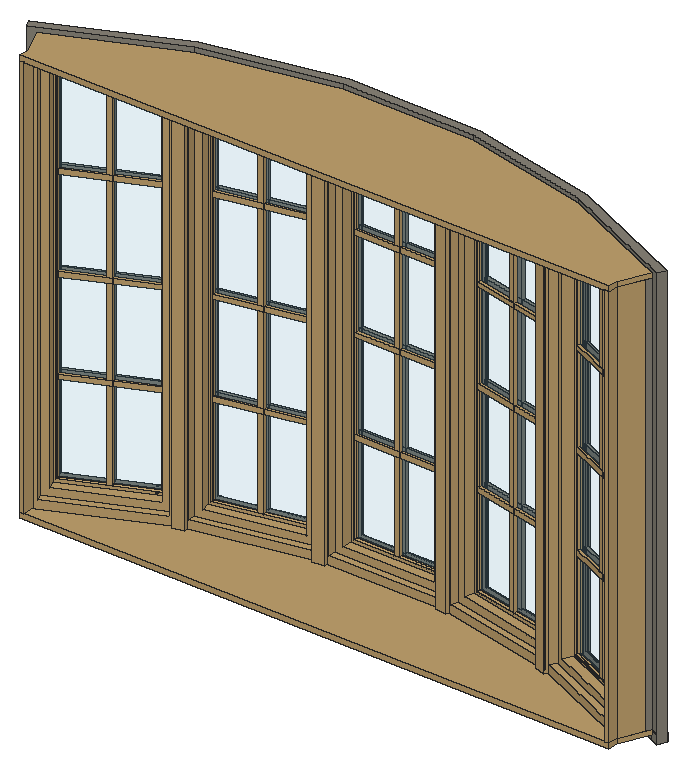
Revit family (continued)
Definition of nested family "Mull_Bow"
  Dimensions and locks
    "Height": plane 4 to plane 5
    aligned and locked: plane 4 to Extrusion 1
    aligned and locked: Extrusion 1 to plane 5
  Automatic sketch dimensions
    Extrusion 1 sketch curve to plane 3 "Center (Left/Right)" = 0' - 0"
    Extrusion 1 sketch curve to plane 3 "Center (Left/Right)" = 0' - 0 1/8"
    Extrusion 1 sketch curve to plane 3 "Center (Left/Right)" = 0' - 0 7/8"
    plane 3 "Center (Left/Right)" to Extrusion 1 sketch curve = 0' - 0.02497"
    plane 3 "Center (Left/Right)" to Extrusion 1 sketch curve = 0' - 0.12217"
    Extrusion 1 sketch curve to Extrusion 1 sketch curve = 0' - 0.02599"
    Extrusion 1 sketch curve to Extrusion 1 sketch curve = 0' - 0.59447"
    plane 3 "Center (Left/Right)" to Extrusion 1 sketch curve = 0' - 0.75806"
    Extrusion 1 sketch curve to Extrusion 1 sketch curve = 0' - 0.09782"
    Extrusion 1 sketch curve to Extrusion 1 sketch curve = 0' - 0.58148"
    plane 1 "Center (Front/Back)" to Extrusion 1 sketch curve = 0' - 5.20457"
    Extrusion 1 sketch curve to Extrusion 1 sketch curve = 0' - 0.17166"
    Extrusion 1 sketch curve to Extrusion 1 sketch curve = 0' - 0.46015"
    Extrusion 1 sketch curve to Extrusion 1 sketch curve = 0' - 0.15595"
    Extrusion 1 sketch curve to Extrusion 1 sketch curve = 0' - 0.02597"
    Extrusion 1 sketch curve to Extrusion 1 sketch curve = 0' - 0.12227"
    Extrusion 1 sketch curve to plane 1 "Center (Front/Back)" = 0' - 0.9699"
Definition of nested family "Label Annotation 1-16 w4"
  Parameters
    Nominal Width = 6' - 10.31403"
    Nominal Height = 5' - 0 1/2"
    Label = ""
    Egress Info = "EGRESS WDW"
    Description = "CSMT BAY"
  Reference planes
    plane 1: y = 0
    plane 2: x = 0
  Text (mm)
    label "Nominal Width X  Nominal Height\n\nDescription\n\nEgress Info" at (0.095, -0.088, 0), shows "Nominal Width", "Nominal Height", "Description", "Egress Info"
Definition of nested family "Bow_Section_Detail"
  Parameters (values of type "Casement_Section_Detail")
    Height = 4' - 11 1/8"
    Assembly Code = ""
  Reference planes
    plane 1 "Center (Front/Back)": y = 0
    plane 2: z = 0
    plane 3 "Center (Left/Right)": x = 0
    plane 4: y = 1501.775
  Lines and regions (mm)
    detail lines, style "Cut Lines", in view "Ref. Level"
      curve 1: line (19.018, 59.766, 0) -> (19.018, 1442.009, 0)
      curve 2: line (22.015, 59.766, 0) -> (22.015, 1442.009, 0)
      curve 3: line (35.071, 59.766, 0) -> (35.071, 1442.009, 0)
      curve 4: line (38.068, 59.766, 0) -> (38.068, 1442.009, 0)
  Dimensions and locks
    "Height": plane 4 to plane 1 "Center (Front/Back)"
    aligned and locked: plane 1 "Center (Front/Back)" to nested 1
    aligned and locked: plane 3 "Center (Left/Right)" to nested 1
    aligned and locked: nested 2 to plane 4
    aligned and locked: plane 3 "Center (Left/Right)" to nested 2
    aligned and locked: curve 1 to nested 1  (x2)
    aligned and locked: nested 1 to curve 2
    aligned and locked: curve 2 to nested 1
    aligned and locked: curve 3 to nested 1  (x2)
    aligned and locked: nested 1 to curve 4
    aligned and locked: curve 4 to nested 1
  Automatic sketch dimensions
    curve 3 to plane 4 = 0' - 2.353"
    curve 2 to curve 3 = 0' - 0"
    curve 4 to curve 3 = 0' - 0"
    curve 1 to curve 2 = 0' - 0"
  Nested families
    nested 1: "Sill_Detail" at (0, 0, 0), type "Sill_Detail", in view "Ref. Level"
      with Screen no
    nested 2: "Head_Detail" at (0, 1501.775, 0), type "Head_Detail", in view "Ref. Level"
      with Screen no
  Definition of nested family "Sill_Detail"
    Parameters (values of type "Jamb_Detail")
      Screen [instance] = yes
      Assembly Code = ""
    Reference planes
      plane 1 "Center (Front/Back)": y = 0
      plane 2: z = 0
      plane 3 "Center (Left/Right)": x = 0
    Lines and regions (mm)
      detail lines, style "Cut Lines", in view "Ref. Level"
        curve 1: line (115.875, 0, 0) -> (115.875, 30.175, 0)
        curve 2: line (-27.788, 0, 0) -> (115.875, 0, 0)
        curve 3: line (115.875, 30.175, 0) -> (19.354, 30.175, 0)
        curve 4: line (-27.788, 13.235, 0) -> (-27.788, 0, 0)
        curve 5: line (14.328, 16.18, 0) -> (-27.788, 13.235, 0)
        curve 6: line (14.328, 16.18, 0) -> (50.47, 16.18, 0)
        curve 7: line (87.971, 30.175, 0) -> (87.971, 53.721, 0)
        curve 8: line (87.971, 53.721, 0) -> (72.79, 53.721, 0)
        curve 9: line (72.79, 58.467, 0) -> (59.537, 58.467, 0)
        curve 10: line (59.537, 63.221, 0) -> (50.47, 63.221, 0)
        curve 11: line (72.79, 53.721, 0) -> (72.79, 58.467, 0)
        curve 12: line (19.354, 20.447, 0) -> (19.354, 30.175, 0)
        curve 13: line (9.296, 20.447, 0) -> (19.354, 20.447, 0)
        curve 14: line (9.296, 68.478, 0) -> (9.296, 20.447, 0)
        curve 15: line (12.309, 68.478, 0) -> (9.296, 68.478, 0)
        curve 16: line (17.389, 73.558, 0) -> (12.309, 68.478, 0)
        curve 17: line (18.135, 56.083, 0) -> (18.135, 73.558, 0)
        curve 18: line (38.176, 56.083, 0) -> (18.135, 56.083, 0)
        curve 19: line (38.176, 73.558, 0) -> (38.176, 56.083, 0)
        curve 20: line (42.519, 73.558, 0) -> (38.176, 73.558, 0)
        curve 21: line (50.47, 67.996, 0) -> (48.082, 67.996, 0)
        curve 22: line (50.47, 16.18, 0) -> (50.47, 67.996, 0)
        curve 23: line (18.135, 73.558, 0) -> (17.389, 73.558, 0)
        curve 24: line (48.082, 67.996, 0) -> (42.519, 73.558, 0)
        curve 34: line (35.071, 59.766, 0) -> (38.068, 59.766, 0)
        curve 35: line (22.015, 62.941, 0) -> (35.071, 62.941, 0)
        curve 36: line (22.193, 69.291, 0) -> (34.893, 69.291, 0)
        curve 37: line (19.018, 59.766, 0) -> (22.015, 59.766, 0)
        curve 38: line (59.537, 58.467, 0) -> (59.537, 63.221, 0)
      detail lines, style "Cut Lines", in view "Ref. Level", visible <- "Screen"
        curve 25: line (69.062, 58.467, 0) -> (69.062, 75.823, 0)
        curve 26: line (59.537, 73.181, 0) -> (59.537, 58.467, 0)
        curve 27: line (65.297, 73.181, 0) -> (59.537, 73.181, 0)
        curve 28: line (65.297, 76.28, 0) -> (65.297, 73.181, 0)
        curve 29: line (66.522, 78.109, 0) -> (60.147, 78.109, 0)
        curve 30: line (60.147, 76.28, 0) -> (65.297, 76.28, 0)
        curve 31: line (60.147, 76.28, 0) -> (60.147, 78.109, 0)
        curve 32: line (69.062, 75.823, 0) -> (66.522, 75.823, 0)
        curve 33: line (66.522, 75.823, 0) -> (66.522, 78.109, 0)
  Definition of nested family "Head_Detail"
    Parameters (values of type "Jamb_Detail")
      Screen [instance] = yes
      Assembly Code = ""
    Reference planes
      plane 1 "Center (Front/Back)": y = 0
      plane 2: z = 0
      plane 3 "Center (Left/Right)": x = 0
    Lines and regions (mm)
      detail lines, style "Cut Lines", in view "Ref. Level"
        curve 1: line (115.875, 0, 0) -> (115.875, -30.175, 0)
        curve 2: line (-27.788, 0, 0) -> (115.875, 0, 0)
        curve 3: line (115.875, -30.175, 0) -> (19.354, -30.175, 0)
        curve 4: line (-27.788, -13.235, 0) -> (-27.788, 0, 0)
        curve 5: line (14.328, -16.18, 0) -> (-27.788, -13.235, 0)
        curve 6: line (14.328, -16.18, 0) -> (50.47, -16.18, 0)
        curve 7: line (87.971, -30.175, 0) -> (87.971, -53.721, 0)
        curve 8: line (87.971, -53.721, 0) -> (72.79, -53.721, 0)
        curve 9: line (72.79, -58.467, 0) -> (59.537, -58.467, 0)
        curve 10: line (59.537, -63.221, 0) -> (50.47, -63.221, 0)
        curve 11: line (72.79, -53.721, 0) -> (72.79, -58.467, 0)
        curve 12: line (19.354, -20.447, 0) -> (19.354, -30.175, 0)
        curve 13: line (9.296, -20.447, 0) -> (19.354, -20.447, 0)
        curve 14: line (9.296, -68.478, 0) -> (9.296, -20.447, 0)
        curve 15: line (12.309, -68.478, 0) -> (9.296, -68.478, 0)
        curve 16: line (17.389, -73.558, 0) -> (12.309, -68.478, 0)
        curve 17: line (18.135, -56.083, 0) -> (18.135, -73.558, 0)
        curve 18: line (38.176, -56.083, 0) -> (18.135, -56.083, 0)
        curve 19: line (38.176, -73.558, 0) -> (38.176, -56.083, 0)
        curve 20: line (42.519, -73.558, 0) -> (38.176, -73.558, 0)
        curve 21: line (50.47, -67.996, 0) -> (48.082, -67.996, 0)
        curve 22: line (50.47, -16.18, 0) -> (50.47, -67.996, 0)
        curve 23: line (18.135, -73.558, 0) -> (17.389, -73.558, 0)
        curve 24: line (48.082, -67.996, 0) -> (42.519, -73.558, 0)
        curve 34: line (35.071, -59.766, 0) -> (38.068, -59.766, 0)
        curve 35: line (22.015, -62.941, 0) -> (35.071, -62.941, 0)
        curve 36: line (22.193, -69.291, 0) -> (34.893, -69.291, 0)
        curve 37: line (19.018, -59.766, 0) -> (22.015, -59.766, 0)
        curve 38: line (59.537, -58.467, 0) -> (59.537, -63.221, 0)
      detail lines, style "Cut Lines", in view "Ref. Level", visible <- "Screen"
        curve 25: line (69.062, -58.467, 0) -> (69.062, -75.823, 0)
        curve 26: line (59.537, -73.181, 0) -> (59.537, -58.467, 0)
        curve 27: line (65.297, -73.181, 0) -> (59.537, -73.181, 0)
        curve 28: line (65.297, -76.28, 0) -> (65.297, -73.181, 0)
        curve 29: line (66.522, -78.109, 0) -> (60.147, -78.109, 0)
        curve 30: line (60.147, -76.28, 0) -> (65.297, -76.28, 0)
        curve 31: line (60.147, -76.28, 0) -> (60.147, -78.109, 0)
        curve 32: line (69.062, -75.823, 0) -> (66.522, -75.823, 0)
        curve 33: line (66.522, -75.823, 0) -> (66.522, -78.109, 0)
Definition of nested family "Bow_Plan_Detail"
  Parameters (values of type "Casement_Plan_Detail")
    Unit Width = 1' - 6"
    Flat Casing Visibility = no
    Casing Visibility = yes
    BMC Visibility = yes
    Assembly Code = ""
  Reference planes
    plane 1 "Center (Front/Back)": y = 0
    plane 2: z = 0
    plane 3 "Center (Left/Right)": x = 0
  Lines and regions (mm)
    Masking region 1, in view "Ref. Level", detail levels fine
      outline origin (0, 0, 0) x (1, 0, 0) y (0, 1, 0)
        loop
          line (705.678, 326.481) -> (675.815, 185.986) -> (734.236, 317.202) -> (720.445, 323.342) -> (705.678, 326.481)
        loop
          line (228.6, 424.68) -> (228.6, 281.017) -> (258.47, 421.54) -> (243.7, 424.68) -> (228.6, 424.68)
        loop
          line (-228.6, 424.68) -> (-243.7, 424.68) -> (-258.469, 421.54) -> (-228.6, 281.017) -> (-228.6, 424.68)
        loop
          line (-734.242, 317.202) -> (-675.809, 185.96) -> (-705.678, 326.483) -> (-720.448, 323.344) -> (-734.242, 317.202)
    reference lines, in view "Ref. Level"
      curve 1: line (-1093.482, 0, 0) -> (-675.809, 185.96, 0)
      curve 2: line (1093.476, 0, 0) -> (675.803, 185.96, 0)
      curve 3: line (-675.809, 185.96, 0) -> (-228.6, 281.017, 0)
      curve 4: line (-228.6, 281.017, 0) -> (228.6, 281.017, 0)
      curve 5: line (228.6, 281.017, 0) -> (675.809, 185.958, 0)
      curve 6: line (-1093.482, 0, 0) -> (1093.476, 0, 0)
    detail lines, style "Cut Lines", in view "Ref. Level", detail levels fine
      curve 7: line (-1078.278, 112.792, 0) -> (-769.803, 250.134, 0)
      curve 8: line (-1077.059, 110.054, 0) -> (-768.584, 247.396, 0)
      curve 9: line (-1071.749, 98.127, 0) -> (-763.274, 235.469, 0)
      curve 10: line (-1070.53, 95.389, 0) -> (-762.055, 232.731, 0)
      curve 11: line (-637.486, 293.126, 0) -> (-307.198, 363.331, 0)
      curve 12: line (-636.863, 290.194, 0) -> (-306.575, 360.399, 0)
      curve 13: line (-634.149, 277.424, 0) -> (-303.86, 347.629, 0)
      curve 14: line (-633.526, 274.492, 0) -> (-303.237, 344.697, 0)
      curve 15: line (-168.834, 377.874, 0) -> (168.834, 377.874, 0)
      curve 16: line (-168.834, 374.876, 0) -> (168.834, 374.876, 0)
      curve 17: line (-168.834, 361.821, 0) -> (168.834, 361.821, 0)
      curve 18: line (-168.834, 358.824, 0) -> (168.834, 358.824, 0)
      curve 19: line (637.487, 293.124, 0) -> (307.198, 363.331, 0)
      curve 20: line (636.863, 290.193, 0) -> (306.575, 360.399, 0)
      curve 21: line (634.149, 277.422, 0) -> (303.86, 347.629, 0)
      curve 22: line (633.526, 274.491, 0) -> (303.237, 344.697, 0)
      curve 23: line (1078.272, 112.792, 0) -> (769.797, 250.134, 0)
      curve 24: line (1077.053, 110.054, 0) -> (768.578, 247.396, 0)
      curve 25: line (1071.743, 98.127, 0) -> (763.268, 235.469, 0)
      curve 26: line (1070.524, 95.389, 0) -> (762.049, 232.731, 0)
    detail lines, style "DetailComponentsHiddenLines", in view "Ref. Level", detail levels fine
      curve 27: line (-1044.792, 82.679, 0) -> (-769.832, 205.1, 0)
      curve 28: line (1044.786, 82.679, 0) -> (769.826, 205.1, 0)
    detail lines, style "Panel Cut", in view "Ref. Level", detail levels coarse+medium
      curve 29: line (-1151.915, 131.242, 0) -> (-1093.482, 0, 0)
      curve 30: line (-1093.482, 0, 0) -> (-1065.916, 12.273, 0)
      curve 31: line (-1065.916, 12.273, 0) -> (-1124.348, 143.515, 0)
      curve 32: line (-1124.348, 143.515, 0) -> (-1151.915, 131.242, 0)
      curve 33: line (-1069.632, 127.283, 0) -> (-1109.265, 109.638, 0)
      curve 34: line (-1092.518, 72.024, 0) -> (-1052.886, 89.669, 0)
      curve 35: line (-1052.886, 89.669, 0) -> (-1069.632, 127.283, 0)
      curve 36: line (-786.357, 253.405, 0) -> (-746.725, 271.051, 0)
      curve 37: line (-729.978, 233.437, 0) -> (-769.611, 215.792, 0)
      curve 38: line (-769.611, 215.792, 0) -> (-786.357, 253.405, 0)
      curve 39: line (-703.375, 173.687, 0) -> (-761.808, 304.929, 0)
      curve 40: line (-675.809, 185.96, 0) -> (-703.375, 173.687, 0)
      curve 41: line (-734.242, 317.202, 0) -> (-675.809, 185.96, 0)
      curve 42: line (-761.808, 304.929, 0) -> (-720.448, 323.344, 0)
      curve 43: line (-705.678, 326.483, 0) -> (-675.809, 185.96, 0)
      curve 44: line (-676.162, 332.757, 0) -> (-720.448, 323.344, 0)
      curve 45: line (-646.293, 192.234, 0) -> (-676.162, 332.757, 0)
      curve 46: line (-675.809, 185.96, 0) -> (-646.293, 192.234, 0)
      curve 47: line (-659.892, 256.21, 0) -> (-617.457, 265.229, 0)
      curve 48: line (-626.017, 305.503, 0) -> (-668.452, 296.483, 0)
      curve 49: line (-617.457, 265.229, 0) -> (-626.017, 305.503, 0)
      curve 50: line (-314.149, 329.699, 0) -> (-322.71, 369.973, 0)
      curve 51: line (-322.71, 369.973, 0) -> (-280.275, 378.993, 0)
      curve 52: line (-271.714, 338.719, 0) -> (-314.149, 329.699, 0)
      curve 53: line (-258.116, 274.743, 0) -> (-287.985, 415.266, 0)
      curve 54: line (-228.6, 281.017, 0) -> (-258.116, 274.743, 0)
      curve 55: line (-258.469, 421.54, 0) -> (-228.6, 281.017, 0)
      curve 56: line (-287.985, 415.266, 0) -> (-243.7, 424.68, 0)
      curve 57: line (-228.6, 424.68, 0) -> (-228.6, 281.017, 0)
      curve 58: line (-198.425, 424.68, 0) -> (-243.7, 424.68, 0)
      curve 59: line (-198.425, 281.017, 0) -> (-198.425, 424.68, 0)
      curve 60: line (-228.6, 281.017, 0) -> (-198.425, 281.017, 0)
      curve 61: line (-198.425, 346.422, 0) -> (-155.042, 346.422, 0)
      curve 62: line (-155.042, 387.596, 0) -> (-198.425, 387.596, 0)
      curve 63: line (-155.042, 346.422, 0) -> (-155.042, 387.596, 0)
      curve 64: line (155.042, 346.422, 0) -> (155.042, 387.596, 0)
      curve 65: line (198.425, 346.422, 0) -> (155.042, 346.422, 0)
      curve 66: line (155.042, 387.596, 0) -> (198.425, 387.596, 0)
      curve 67: line (198.425, 281.017, 0) -> (198.425, 424.68, 0)
      curve 68: line (228.6, 281.017, 0) -> (198.425, 281.017, 0)
      curve 69: line (228.6, 424.68, 0) -> (228.6, 281.017, 0)
      curve 70: line (198.425, 424.68, 0) -> (243.7, 424.68, 0)
      curve 71: line (258.47, 421.54, 0) -> (228.6, 281.017, 0)
      curve 72: line (287.985, 415.266, 0) -> (243.7, 424.68, 0)
      curve 73: line (228.6, 281.017, 0) -> (258.116, 274.743, 0)
      curve 74: line (258.116, 274.743, 0) -> (287.985, 415.266, 0)
      curve 75: line (271.715, 338.719, 0) -> (314.15, 329.699, 0)
      curve 76: line (322.71, 369.973, 0) -> (280.275, 378.993, 0)
      curve 77: line (314.15, 329.699, 0) -> (322.71, 369.973, 0)
      curve 78: line (617.457, 265.228, 0) -> (626.017, 305.501, 0)
      curve 79: line (626.017, 305.501, 0) -> (668.452, 296.481, 0)
      curve 80: line (659.892, 256.208, 0) -> (617.457, 265.228, 0)
      curve 81: line (734.236, 317.202, 0) -> (675.803, 185.96, 0)
      curve 82: line (761.802, 304.929, 0) -> (720.445, 323.342, 0)
      curve 83: line (675.803, 185.96, 0) -> (703.369, 173.687, 0)
      curve 84: line (703.369, 173.687, 0) -> (761.802, 304.929, 0)
      curve 85: line (729.972, 233.437, 0) -> (769.605, 215.792, 0)
      curve 86: line (786.351, 253.405, 0) -> (746.719, 271.051, 0)
      curve 87: line (769.605, 215.792, 0) -> (786.351, 253.405, 0)
      curve 88: line (1052.88, 89.669, 0) -> (1069.626, 127.283, 0)
      curve 89: line (1092.512, 72.024, 0) -> (1052.88, 89.669, 0)
      curve 90: line (1069.626, 127.283, 0) -> (1109.259, 109.638, 0)
      curve 91: line (1065.91, 12.273, 0) -> (1124.342, 143.515, 0)
      curve 92: line (1093.476, 0, 0) -> (1065.91, 12.273, 0)
      curve 93: line (1151.909, 131.242, 0) -> (1093.476, 0, 0)
      curve 94: line (1124.342, 143.515, 0) -> (1151.909, 131.242, 0)
      curve 95: line (676.163, 332.755, 0) -> (720.445, 323.342, 0)
      curve 96: line (705.678, 326.481, 0) -> (675.809, 185.958, 0)
      curve 97: line (675.809, 185.958, 0) -> (646.293, 192.232, 0)
      curve 98: line (646.293, 192.232, 0) -> (676.163, 332.755, 0)
      curve 109: line (777.978, 234.598, 0) -> (1061.253, 108.476, 0)
      curve 110: line (318.43, 349.836, 0) -> (621.737, 285.365, 0)
      curve 111: line (-155.042, 367.009, 0) -> (155.042, 367.009, 0)
      curve 112: line (-621.737, 285.366, 0) -> (-318.43, 349.836, 0)
      curve 113: line (-1061.259, 108.476, 0) -> (-777.984, 234.598, 0)
    detail lines, in view "Ref. Level", detail levels coarse+medium
      curve 99: line (786.351, 253.405, 0) -> (1069.626, 127.283, 0)
      curve 100: line (769.605, 215.792, 0) -> (1052.88, 89.669, 0)
      curve 101: line (322.71, 369.973, 0) -> (626.017, 305.501, 0)
      curve 102: line (314.15, 329.699, 0) -> (617.457, 265.228, 0)
      curve 103: line (-155.042, 387.596, 0) -> (155.042, 387.596, 0)
      curve 104: line (-155.042, 346.422, 0) -> (155.042, 346.422, 0)
      curve 105: line (-626.017, 305.503, 0) -> (-322.71, 369.973, 0)
      curve 106: line (-617.457, 265.229, 0) -> (-314.149, 329.699, 0)
      curve 107: line (-1069.632, 127.283, 0) -> (-786.357, 253.405, 0)
      curve 108: line (-1052.886, 89.669, 0) -> (-769.611, 215.792, 0)
    detail lines, style "InvisibleLines", in view "Ref. Level", detail levels fine
      curve 114: line (-228.6, 281.017, 0) -> (-243.7, 424.68, 0)
      curve 115: line (-675.809, 185.96, 0) -> (-720.448, 323.344, 0)
      curve 116: line (228.6, 281.017, 0) -> (243.7, 424.68, 0)
      curve 117: line (675.803, 185.96, 0) -> (720.445, 323.342, 0)
  Dimensions and locks
    "Unit Width": curve 1 to curve 1
    "Unit Width": curve 2 to curve 2
    equal spacing: curve 4, plane 3 "Center (Left/Right)", curve 4
    "Unit Width": curve 4 to curve 4
    "Unit Width": curve 3 to curve 3
    "Unit Width": curve 5 to curve 5
    equal spacing: curve 108, curve 113, curve 107
    equal spacing: curve 106, curve 112, curve 105
    equal spacing: curve 104, curve 111, curve 103
    equal spacing: curve 102, curve 110, curve 101
    equal spacing: curve 100, curve 109, curve 99
    locked: plane 1 "Center (Front/Back)" to curve 1 (angle 24.00°)
    locked: curve 2 to plane 1 "Center (Front/Back)" (angle 24.00°)
    locked: curve 1 to curve 3 (angle 168.00°)
    locked: curve 5 to curve 2 (angle 168.00°)
    locked: curve 4 to plane 3 "Center (Left/Right)" (angle 90.00°)
    aligned and locked: plane 1 "Center (Front/Back)" to curve 1
    aligned and locked: plane 1 "Center (Front/Back)" to curve 2
    aligned: nested 1 to curve 1
    aligned: nested 2 to curve 2
    aligned: curve 2 to nested 2
    aligned: nested 4 to curve 2
    aligned: curve 1 to nested 1
    aligned: nested 3 to curve 1
    aligned and locked: curve 2 to nested 2
    aligned and locked: nested 2 to curve 2
    aligned and locked: nested 4 to curve 2  (x2)
    aligned and locked: curve 1 to nested 1
    aligned and locked: nested 1 to curve 1
    aligned and locked: nested 3 to curve 1  (x2)
    aligned and locked: nested 5 to curve 4  (x2)
    aligned and locked: nested 6 to curve 4  (x2)
    aligned and locked: nested 7 to curve 3  (x2)
    aligned and locked: nested 8 to curve 3  (x2)
    aligned and locked: nested 9 to curve 5  (x2)
    aligned and locked: nested 10 to curve 5  (x2)
    aligned and locked: curve 7 to nested 1  (x2)
    aligned and locked: nested 1 to curve 8
    aligned and locked: curve 8 to nested 1
    aligned and locked: curve 9 to nested 1  (x2)
    aligned and locked: nested 1 to curve 10
    aligned and locked: curve 10 to nested 1
    aligned and locked: curve 7 to nested 3  (x2)
    aligned and locked: nested 3 to curve 8
    aligned and locked: curve 9 to nested 3  (x2)
    aligned and locked: nested 3 to curve 10
    aligned and locked: curve 10 to nested 3
    aligned and locked: curve 8 to nested 3
    aligned and locked: curve 11 to nested 8  (x2)
    aligned and locked: nested 8 to curve 12
    aligned and locked: curve 12 to nested 8
    aligned and locked: curve 13 to nested 8  (x2)
    aligned and locked: nested 8 to curve 14
    aligned and locked: curve 14 to nested 8
    aligned and locked: curve 11 to nested 7  (x2)
    aligned and locked: curve 12 to nested 7
    aligned and locked: nested 7 to curve 12
    aligned and locked: curve 14 to nested 7
    aligned and locked: curve 13 to nested 7  (x2)
    aligned and locked: nested 7 to curve 14
    aligned and locked: curve 15 to nested 5  (x2)
    aligned and locked: nested 5 to curve 16
    aligned and locked: curve 16 to nested 5
    aligned and locked: curve 17 to nested 5  (x2)
    aligned and locked: nested 5 to curve 18
    aligned and locked: curve 18 to nested 5
    aligned and locked: curve 15 to nested 6
    aligned and locked: nested 6 to curve 16
    aligned and locked: curve 17 to nested 6
    aligned and locked: nested 6 to curve 18
    aligned and locked: curve 19 to nested 10  (x2)
    aligned and locked: nested 10 to curve 20
    aligned and locked: curve 20 to nested 10
    aligned and locked: curve 21 to nested 10  (x2)
    aligned and locked: nested 10 to curve 22
    aligned and locked: curve 22 to nested 10
    aligned and locked: curve 19 to nested 9
    aligned and locked: nested 9 to curve 20
    aligned and locked: nested 9 to curve 21
    aligned and locked: nested 9 to curve 22
    aligned and locked: curve 23 to nested 2  (x2)
    aligned and locked: nested 2 to curve 24
    aligned and locked: curve 24 to nested 2
    aligned and locked: curve 25 to nested 2  (x2)
    aligned and locked: nested 2 to curve 26
    aligned and locked: curve 26 to nested 2
    aligned and locked: curve 23 to nested 4  (x2)
    aligned and locked: curve 24 to nested 4
    aligned and locked: curve 25 to nested 4
    aligned and locked: curve 26 to nested 4
    aligned and locked: nested 4 to curve 24
    aligned and locked: nested 4 to curve 25
    aligned and locked: nested 4 to curve 26
    aligned and locked: nested 1 to curve 27  (x2)
    aligned and locked: curve 27 to nested 3
    aligned and locked: nested 3 to curve 27
    aligned and locked: nested 2 to curve 28
    aligned and locked: curve 28 to nested 2
    aligned and locked: curve 28 to nested 4
    aligned and locked: nested 4 to curve 28
    aligned and locked: curve 29 to nested 1
    aligned and locked: curve 30 to nested 1
    aligned and locked: curve 31 to nested 1
    aligned and locked: curve 32 to nested 1
    aligned and locked: curve 33 to nested 1
    aligned and locked: nested 1 to curve 34
    aligned and locked: curve 35 to nested 1
    aligned and locked: curve 36 to nested 3
    aligned and locked: nested 3 to curve 37
    aligned and locked: curve 38 to nested 3
    aligned and locked: curve 39 to nested 3
    aligned and locked: curve 40 to nested 3
    aligned and locked: curve 41 to nested 3
    aligned and locked: curve 42 to nested 3
    aligned and locked: curve 43 to nested 8
    aligned and locked: curve 44 to nested 8
    aligned and locked: curve 45 to nested 8
    aligned and locked: curve 46 to nested 8
    aligned and locked: nested 8 to curve 47
    aligned and locked: curve 48 to nested 8
    aligned and locked: curve 49 to nested 8
    aligned and locked: curve 50 to nested 7
    aligned and locked: curve 51 to nested 7
    aligned and locked: nested 7 to curve 52
    aligned and locked: curve 53 to nested 7
    aligned and locked: curve 54 to nested 7
    aligned and locked: curve 55 to nested 7
    aligned and locked: curve 56 to nested 7
    aligned and locked: curve 58 to nested 5
    aligned and locked: curve 59 to nested 5
    aligned and locked: curve 60 to nested 5
    aligned and locked: nested 5 to curve 61
    aligned and locked: curve 62 to nested 5
    aligned and locked: curve 63 to nested 5
    aligned and locked: curve 64 to nested 6
    aligned and locked: nested 6 to curve 65
    aligned and locked: curve 66 to nested 6
    aligned and locked: curve 67 to nested 6
    aligned and locked: curve 68 to nested 6
    aligned and locked: curve 69 to nested 6
    aligned and locked: curve 70 to nested 6
    aligned and locked: curve 71 to nested 9
    aligned and locked: curve 72 to nested 9
    aligned and locked: curve 73 to nested 9
    aligned and locked: curve 74 to nested 9
    aligned and locked: nested 9 to curve 75
    aligned and locked: curve 76 to nested 9
    aligned and locked: curve 77 to nested 9
    aligned and locked: curve 78 to nested 10
    aligned and locked: curve 79 to nested 10
    aligned and locked: curve 81 to nested 4
    aligned and locked: curve 82 to nested 4
    aligned and locked: curve 83 to nested 4
    aligned and locked: curve 84 to nested 4
    aligned and locked: nested 4 to curve 85
    aligned and locked: curve 86 to nested 4
    aligned and locked: curve 87 to nested 4
    aligned and locked: curve 88 to nested 2
    aligned and locked: nested 2 to curve 89
    aligned and locked: curve 90 to nested 2
    aligned and locked: curve 91 to nested 2
    aligned and locked: curve 92 to nested 2
    aligned and locked: curve 93 to nested 2
    aligned and locked: curve 94 to nested 2
    aligned and locked: curve 95 to nested 10
    aligned and locked: curve 96 to nested 10
    aligned and locked: curve 97 to nested 10
    aligned and locked: curve 98 to nested 10
    aligned and locked: Masking region 1 sketch curve to nested 10
    aligned and locked: Masking region 1 sketch curve to nested 4
    aligned and locked: nested 10 to Masking region 1 sketch curve
    aligned and locked: nested 4 to Masking region 1 sketch curve
    aligned and locked: Masking region 1 sketch curve to nested 6
    aligned and locked: Masking region 1 sketch curve to nested 9
    aligned and locked: nested 6 to Masking region 1 sketch curve
    aligned and locked: nested 9 to Masking region 1 sketch curve
    aligned and locked: Masking region 1 sketch curve to nested 5
    aligned and locked: Masking region 1 sketch curve to nested 7
    aligned and locked: nested 5 to Masking region 1 sketch curve
    aligned and locked: nested 7 to Masking region 1 sketch curve
    aligned and locked: Masking region 1 sketch curve to nested 3
    aligned and locked: Masking region 1 sketch curve to nested 8
    aligned and locked: nested 3 to Masking region 1 sketch curve
    aligned and locked: nested 8 to Masking region 1 sketch curve
  Automatic sketch dimensions
    curve 2 to curve 5 = 0' - 0.00022"
    curve 6 to curve 2 = 0' - 0"
    curve 22 to curve 110 = 0' - 0.59814"
    curve 22 to curve 21 = 0' - 0.02453"
    curve 21 to curve 20 = 0' - 0.10687"
    curve 20 to curve 19 = 0' - 0.02453"
  Nested families
    nested 1: "Jamb_Detail" at (-1140.613, 105.857, 0) x (0.9135, 0.4067, 0) z (0, 0, 1), type "Jamb_Detail", in view "Ref. Level", detail levels fine
    nested 2: "Jamb_Detail" at (1140.606, 105.857, 0) x (-0.9135, 0.4067, 0) z (0, 0, 1), type "Jamb_Detail", in view "Ref. Level", detail levels fine
    nested 3: "Jamb_Detail" at (-722.94, 291.817, 0) x (-0.9135, -0.4067, 0) z (0, 0, 1), type "Jamb_Detail", in view "Ref. Level", detail levels fine
    nested 4: "Jamb_Detail" at (722.933, 291.817, 0) x (0.9135, -0.4067, 0) z (0, 0, 1), type "Jamb_Detail", in view "Ref. Level", detail levels fine
    nested 5: "Jamb_Detail" at (-228.6, 396.892, 0), type "Jamb_Detail", in view "Ref. Level", detail levels fine
      with Screen no
    nested 6: "Jamb_Detail" at (228.6, 396.892, 0) x (-1, 0, 0) z (0, 0, 1), type "Jamb_Detail", in view "Ref. Level", detail levels fine
      with Screen no
    nested 7: "Jamb_Detail" at (-252.692, 394.36, 0) x (-0.9781, -0.2079, 0) z (0, 0, 1), type "Jamb_Detail", in view "Ref. Level", detail levels fine
      with Screen no
    nested 8: "Jamb_Detail" at (-699.901, 299.302, 0) x (0.9781, 0.2079, 0) z (0, 0, 1), type "Jamb_Detail", in view "Ref. Level", detail levels fine
      with Screen no
    nested 9: "Jamb_Detail" at (252.692, 394.36, 0) x (0.9781, -0.2079, 0) z (0, 0, 1), type "Jamb_Detail", in view "Ref. Level", detail levels fine
      with Screen no
    nested 10: "Jamb_Detail" at (699.901, 299.3, 0) x (-0.9781, 0.2079, 0) z (0, 0, 1), type "Jamb_Detail", in view "Ref. Level", detail levels fine
      with Screen no
  Definition of nested family "Jamb_Detail"
    Parameters (values of type "Jamb_Detail")
      Screen [instance] = yes
      Assembly Code = ""
    Reference planes
      plane 1 "Center (Front/Back)": y = 0
      plane 2: z = 0
      plane 3 "Center (Left/Right)": x = 0
    Lines and regions (mm)
      detail lines, style "Cut Lines", in view "Ref. Level"
        curve 1: line (0, 115.875, 0) -> (30.175, 115.875, 0)
        curve 2: line (0, -27.788, 0) -> (0, 115.875, 0)
        curve 3: line (30.175, 115.875, 0) -> (30.175, 19.354, 0)
        curve 4: line (13.235, -27.788, 0) -> (0, -27.788, 0)
        curve 5: line (16.18, 14.328, 0) -> (13.235, -27.788, 0)
        curve 6: line (16.18, 14.328, 0) -> (16.18, 50.47, 0)
        curve 7: line (30.175, 87.971, 0) -> (53.721, 87.971, 0)
        curve 8: line (53.721, 87.971, 0) -> (53.721, 72.79, 0)
        curve 9: line (58.467, 72.79, 0) -> (58.467, 59.537, 0)
        curve 10: line (63.221, 59.537, 0) -> (63.221, 50.47, 0)
        curve 11: line (53.721, 72.79, 0) -> (58.467, 72.79, 0)
        curve 12: line (20.447, 19.354, 0) -> (30.175, 19.354, 0)
        curve 13: line (20.447, 9.296, 0) -> (20.447, 19.354, 0)
        curve 14: line (68.478, 9.296, 0) -> (20.447, 9.296, 0)
        curve 15: line (68.478, 12.309, 0) -> (68.478, 9.296, 0)
        curve 16: line (73.558, 17.389, 0) -> (68.478, 12.309, 0)
        curve 17: line (56.083, 18.135, 0) -> (73.558, 18.135, 0)
        curve 18: line (56.083, 38.176, 0) -> (56.083, 18.135, 0)
        curve 19: line (73.558, 38.176, 0) -> (56.083, 38.176, 0)
        curve 20: line (73.558, 42.519, 0) -> (73.558, 38.176, 0)
        curve 21: line (67.996, 50.47, 0) -> (67.996, 48.082, 0)
        curve 22: line (16.18, 50.47, 0) -> (67.996, 50.47, 0)
        curve 23: line (73.558, 18.135, 0) -> (73.558, 17.389, 0)
        curve 24: line (67.996, 48.082, 0) -> (73.558, 42.519, 0)
        curve 34: line (59.766, 35.071, 0) -> (59.766, 38.068, 0)
        curve 35: line (62.941, 22.015, 0) -> (62.941, 35.071, 0)
        curve 36: line (69.291, 22.193, 0) -> (69.291, 34.893, 0)
        curve 37: line (59.766, 19.018, 0) -> (59.766, 22.015, 0)
        curve 38: line (58.467, 59.537, 0) -> (63.221, 59.537, 0)
      detail lines, style "Cut Lines", in view "Ref. Level", visible <- "Screen"
        curve 25: line (58.467, 69.062, 0) -> (75.823, 69.062, 0)
        curve 26: line (73.181, 59.537, 0) -> (58.467, 59.537, 0)
        curve 27: line (73.181, 65.297, 0) -> (73.181, 59.537, 0)
        curve 28: line (76.28, 65.297, 0) -> (73.181, 65.297, 0)
        curve 29: line (78.109, 66.522, 0) -> (78.109, 60.147, 0)
        curve 30: line (76.28, 60.147, 0) -> (76.28, 65.297, 0)
        curve 31: line (76.28, 60.147, 0) -> (78.109, 60.147, 0)
        curve 32: line (75.823, 69.062, 0) -> (75.823, 66.522, 0)
        curve 33: line (75.823, 66.522, 0) -> (78.109, 66.522, 0)
